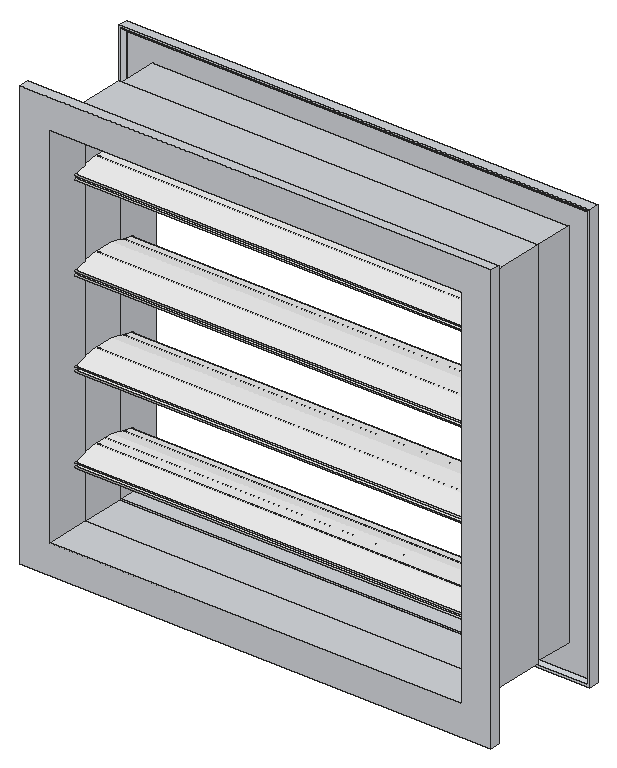
Revit family
Parameters (values of type "HCD-75-FPL")
  URL = "http://www.productspec.net/products/24356/holyoake-industries-ltd/airfoil-control-damper-hcd-75.aspx"
  Type Comments = "Airfoil Control Damper"
  Technical Data = "http://www.productspec.net/nas/TechnicalFiles/2367/p24356/H7-H9%20HCD75.pdf"
  Single Blade = Blade Count < 2  # no
  Muiltiple Blades = not(Single Blade)  # yes
  Minimun Size = "150mm wide and 95mm high (Air Stream)"
  Maximum Size = "950mm wide and 898mm high (Air Stream)"
  Manually Operated min. Clearance = 100.00 mm  # constant formula
  Frame and Blade = none
  Exact Overall Flange Width = Actual Air Stream Width + 2 * Flange Width  # 400.00 mm
  Desired Air Stream Width = 350.00 mm
  Desired Air Stream Height = 300.00 mm
  Damper Depth = 113.00 mm  # constant formula
  Ownership = "Holyoake Industries Ltd"
  Blade Number = if(Blade Count < 2, 2, Blade Count)  # 4
  Blade Angle = "Actual axle placement may vary"  # constant formula
  Actual Air Stream Width = if(Desired Air Stream Width < 150.00 mm, 150.00 mm, Desired Air Stream Width)  # 350.00 mm
  Actual Air Stream Height = Blade Pitch * Blade Count + 22.00 mm  # 314.00 mm
  Flange Width = 25.00 mm  # constant formula
  Exact Overall Flange Height = Actual Air Stream Height + 2 * Flange Width  # 364.00 mm
  Model = "HCD-75-FPL"
  Manufacturer = "Holyoake Industries Ltd"
  Louvre Offset = 500.00 mm
  Created By = "Productspec Ltd"
  Blade Pitch = 73.00 mm  # constant formula
  Blade Count = Desired Air Stream Height / Blade Pitch  # 4
  Author = "Zinder Zhao"
  Actuator min. Clearance = 300.00 mm  # constant formula
Reference planes
  plane 1 "Wall": y = 0
  plane 2 "Center (Left/Right)": x = 125
  plane 3 "Back": y = 60
  plane 4: z = 522.25
  plane 5: z = 841.75
  plane 6: x = 302.75
  plane 7: x = -52.75
  plane 8: z = 572.5
  plane 9: z = 645.5
  plane 10: x = 300
  plane 11: x = -50
  plane 12: z = 525
  plane 13: z = 839
  plane 14: y = 68
  plane 15: y = -45
  plane 16: z = 500
  plane 17: z = 864
  plane 18: x = -75
  plane 19: x = 325
  plane 20: x = 425
  plane 21: x = 625
  plane 22: y = 11.5
Forms (mm)
  Sweep 1, solid, material <- "Frame and Blade", detail levels medium+fine
    path origin (0, 60, 0) x (1, 0, 0) y (0, 0, 1)
      loop
        line (300, 839) -> (-50, 839) -> (-50, 525) -> (300, 525) -> (300, 839)
    profile "Holyoake_ControlDamper_HCD-75_Surround_profile : HCD-75 Surround Profile" origin (300, 60, 682) x (1, 0, 0) y (0, -1, 0)
      loop
        line (0, -8) -> (25, -8) -> (25, 0) -> (23.4, 0) -> (20.9, -2.5) -> (23.4, -2.5) -> (23.4, -6.4) -> (1.6, -6.4) -> (1.6, 27.85) -> (2.75, 27.85) -> (2.75, 69.15) -> (1.6, 69.15) -> (1.6, 103.4) -> (23.4, 103.4) -> (23.4, 99.5) -> (20.9, 99.5) -> (23.4, 97) -> (25, 97) -> (25, 105) -> (0, 105) -> (0, 67.55) -> (1.15, 67.55) -> (1.15, 29.45) -> (0, 29.45) -> (0, -8)
  Extrusion 2, solid, material <- "Frame and Blade", detail levels coarse+medium
    sketch origin (0, 0, 0) x (1, 0, 0) y (0, 1, 0)
      loop
        line (-52.75, 68) -> (-52.75, -45) -> (302.75, -45) -> (302.75, 68) -> (-52.75, 68)
    from 522.25 to 841.75
Lines and regions (mm)
  Opening 1
    outline origin (-5000, -60, 0) x (1, 0, 0) y (0, 0, 1)
      loop
        line (5302.75, 841.75) -> (4947.25, 841.75) -> (4947.25, 522.25) -> (5302.75, 522.25) -> (5302.75, 841.75)
Text (mm)
  text "Placement Side" at (-547.298, 205.054, 0), in view "Ref. Level"
  text "Placement side" at (0, 980.807, 1560.339), in view "Left"
  text "Placement side" at (0, 499.811, 2980.732), in view "Right"
Dimensions and locks
  locked: plane 3 "Back" to host wall
  "Actual Air Stream Width": plane 11 to plane 10
  locked: plane 12 to plane 4 at 2.75
  locked: plane 8 to plane 12 at 47.5
  "Actual Air Stream Height": plane 13 to plane 12
  locked: plane 5 to plane 13 at 2.75
  "Flange Width": plane 12 to plane 16
  "Louvre Offset": plane 16 to level
  "Exact Overall Flange Height": plane 17 to plane 16
  "Blade Pitch": plane 9 to plane 8
  plane 7 to plane 11 = 2.75 mm
  locked: plane 10 to plane 6 at 2.75
  "Flange Width": plane 18 to plane 11
  equal spacing: plane 11, plane 2 "Center (Left/Right)", plane 10
  "Exact Overall Flange Width": plane 18 to plane 19
  "Manually Operated min. Clearance": plane 19 to plane 20
  "Actuator min. Clearance": plane 19 to plane 21
  equal spacing: plane 14, plane 22, plane 15
  "Damper Depth": plane 14 to plane 15
  equal spacing: group 1, group 2, group 3, group 4  (x3)
  aligned and locked: plane 1 "Wall" to host wall
  aligned and locked: Opening 1 sketch curve to plane 5
  aligned and locked: plane 6 to Opening 1 sketch curve
  aligned and locked: plane 4 to Opening 1 sketch curve
  aligned and locked: plane 7 to Opening 1 sketch curve
  aligned and locked: plane 8 to nested 1
  aligned and locked: Sweep 1 sketch curve to plane 10
  aligned and locked: plane 13 to Sweep 1 sketch curve
  aligned and locked: Sweep 1 sketch curve to plane 11
  aligned and locked: Sweep 1 sketch curve to plane 12
  aligned and locked: Extrusion 2 sketch curve to host wall  (x2)
  aligned and locked: plane 5 to Extrusion 2
  aligned and locked: Extrusion 2 to plane 4
  aligned and locked: plane 14 to Sweep 1
  aligned and locked: plane 15 to Sweep 1
  aligned and locked: nested 1 to plane 22
  aligned and locked: plane 14 to Extrusion 2 sketch curve
  aligned and locked: Extrusion 2 sketch curve to plane 15
  aligned and locked: plane 9 to nested 2
  aligned and locked: nested 2 to plane 22
  aligned and locked: nested 2 to plane 11
  aligned and locked: nested 3 to plane 11
  aligned and locked: nested 3 to plane 22
  aligned and locked: plane 8 to nested 3
Nested families
  nested 1: "Holyoake_ControlDamper_HCD-75_Blade" at (125, -18.65, 565.725), visible <- "Muiltiple Blades", type "Holyoake_AirfoilControlDamper_HCD-75"
    with Length 350.00 mm
  nested 2: "Holyoake_ControlDamper_HCD-75_Blade" at (125, -18.65, 638.725), visible <- "Muiltiple Blades", type "Holyoake_AirfoilControlDamper_HCD-75"
    with Length 350.00 mm
  nested 3: "Holyoake_ControlDamper_HCD-75_Blade" at (125, -18.65, 565.725), visible <- "Single Blade", type "Holyoake_AirfoilControlDamper_HCD-75"
    with Length 350.00 mm
  nested 4: "Holyoake_ControlDamper_HCD-75_Blade" at (125, -18.65, 711.725), visible <- "Muiltiple Blades", type "Holyoake_AirfoilControlDamper_HCD-75"
    with Length 350.00 mm
  nested 5: "Holyoake_ControlDamper_HCD-75_Blade" at (125, -18.65, 784.725), visible <- "Muiltiple Blades", type "Holyoake_AirfoilControlDamper_HCD-75"
    with Length 350.00 mm
Connectors
  hvac at (125, -45, 682), driven by "Actual Air Stream Height", driven by "Actual Air Stream Width"
    settings: on Sweep 1, index 1
  hvac at (125, 68, 682), driven by "Actual Air Stream Height", driven by "Actual Air Stream Width"
    settings: on Sweep 1, index 2
Definition of nested family "Holyoake_ControlDamper_HCD-75_Blade"
  Parameters (values of type "Holyoake_AirfoilControlDamper_HCD-75")
    Width = 60.30 mm
    Ownership = "Holyoake Industries Ltd"
    Model = "HCD-75"
    Manufacturer = "Holyoake Industries Ltd"
    Length = 600.00 mm
    Description = ""
    Created By = "Productspec Ltd"
    Blade = Aluminium
    Author = "Zinder Zhao"
    Assembly Code = ""
  Reference planes
    plane 1 "Front": y = 0
    plane 2: z = 0
    plane 3 "Center (Left/Right)": x = 0
    plane 4: x = -300
    plane 5: x = 300
    plane 6 "Back": y = 60.3
    plane 7 "Centre": y = 30.15
    plane 8: z = 6.775
  Forms (mm)
    Sweep 1, solid, material "Aluminium" <- "Blade", detail levels fine
      path origin (0, 0, 0) x (1, 0, 0) y (0, 1, 0)
        loop
          line (-300, 0) -> (300, 0)
      profile "Holyoake_ControlDamper_HCD-75_Blade_profile : HCD-75 Blade Profile" origin (0, 0, 0) x (0, 1, 0) y (0, 0, 1)
        loop
          line (36.59, 6.775) -> (33.403, 12.295)
          arc (33.403, 12.295) -> (30.15, 12.35) -> (26.897, 12.295) r 96.519
          line (26.897, 12.295) -> (23.71, 6.775) -> (26.897, 1.255)
          arc (26.897, 1.255) -> (30.15, 1.2) -> (33.403, 1.255) r 96.519
          line (33.403, 1.255) -> (36.59, 6.775)
        loop
          line (7.7, 9.065) -> (7.7, 4.485)
          arc (7.7, 4.485) -> (7.874, 3.987) -> (8.319, 3.706) r 0.8
          arc (8.319, 3.706) -> (16.137, 2.223) -> (24.052, 1.393) r 96.519
          arc (24.052, 1.393) -> (24.743, 1.799) -> (24.735, 2.6) r 0.8
          line (24.735, 2.6) -> (22.324, 6.775) -> (24.735, 10.95)
          arc (24.735, 10.95) -> (24.743, 11.751) -> (24.052, 12.157) r 0.8
          arc (24.052, 12.157) -> (16.137, 11.327) -> (8.318, 9.848) r 96.519
          arc (8.318, 9.848) -> (7.874, 9.563) -> (7.7, 9.065) r 0.8
        loop
          arc (52.6, 9.065) -> (52.426, 9.563) -> (51.982, 9.848) r 0.8
          arc (51.982, 9.848) -> (44.163, 11.327) -> (36.248, 12.157) r 96.519
          arc (36.248, 12.157) -> (35.557, 11.751) -> (35.565, 10.95) r 0.8
          line (35.565, 10.95) -> (37.976, 6.775) -> (35.565, 2.6)
          arc (35.565, 2.6) -> (35.557, 1.799) -> (36.248, 1.393) r 0.8
          arc (36.248, 1.393) -> (44.163, 2.223) -> (51.981, 3.706) r 96.519
          arc (51.981, 3.706) -> (52.426, 3.987) -> (52.6, 4.485) r 0.8
          line (52.6, 4.485) -> (52.6, 9.065)
        loop
          line (53.8, 8.375) -> (59.7, 7.775)
          arc (59.7, 7.775) -> (60.3, 8.375) -> (59.7, 8.975) r 0.6
          arc (59.7, 8.975) -> (30.15, 13.55) -> (0.6, 8.975) r 97.719
          arc (0.6, 8.975) -> (0, 8.375) -> (0.6, 7.775) r 0.6
          line (0.6, 7.775) -> (6.5, 8.375) -> (6.5, 5.175) -> (0.6, 5.775)
          arc (0.6, 5.775) -> (0, 5.175) -> (0.6, 4.575) r 0.6
          arc (0.6, 4.575) -> (30.15, 0) -> (59.7, 4.575) r 97.719
          arc (59.7, 4.575) -> (60.3, 5.175) -> (59.7, 5.775) r 0.6
          line (59.7, 5.775) -> (53.8, 5.175) -> (53.8, 8.375)
  Lines and regions (mm)
    symbolic lines, style "Blade Project", detail levels fine
      curve 1: arc (0, 0, 6.775) -> (0, 8.831, 28.094) -> (0, 30.15, 36.925) r 30.15
      curve 2: arc (0, 60.3, 6.775) -> (0, 51.469, -14.544) -> (0, 30.15, -23.375) r 30.15
  Dimensions and locks
    "Length": plane 4 to plane 5
    equal spacing: plane 4, plane 3 "Center (Left/Right)", plane 5
    equal spacing: plane 6 "Back", plane 7 "Centre", plane 1 "Front"
    "Width": plane 6 "Back" to plane 1 "Front"
    aligned and locked: Sweep 1 to plane 4
    aligned and locked: Sweep 1 to plane 5
  Automatic sketch dimensions
    Sweep 1 sketch curve to plane 1 "Front" = 0.00 mm
    Sweep 1 sketch curve to plane 4 = 0.00 mm
    Sweep 1 sketch curve to plane 5 = 0.00 mm
    curve 1 to curve 2 = 0.00 mm  (x2)
    curve 1 to plane 1 "Front" = 0.00 mm
    curve 1 to plane 7 "Centre" = 0.00 mm
    curve 2 to plane 6 "Back" = 0.00 mm
    curve 1 to plane 8 = 0.00 mm
